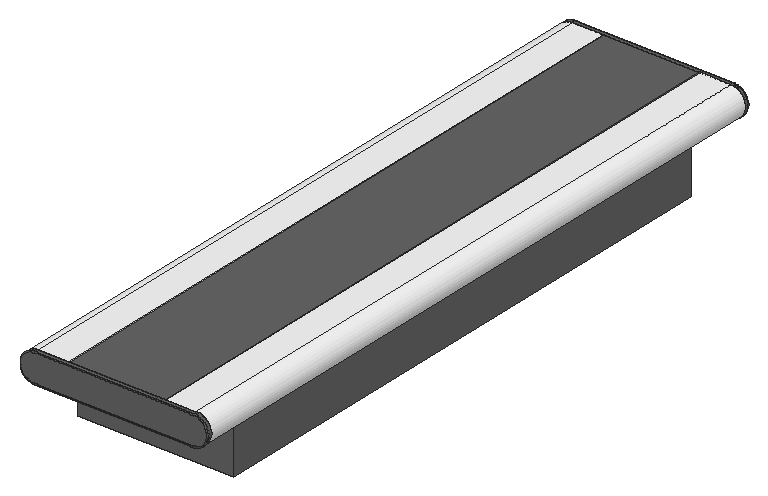
Revit family "AFX-Rhea-LED_Outdoor_Sconce", category Lighting Fixtures, host Face, Revit 2021
Family settings
  Host = Face
  Round Connector Dimension = Use Diameter
  Part Type = Normal
  Cut with Voids When Loaded = No
  Light Source = Yes
  Shared = No
  Room Calculation Point = No
Parameters (values of type "REAW0518LAJUDBK")
  Width = 5"
  Wattage Comments = "20W"
  Wattage = 9.2903 W
  built-in parameter 1150110 = 1 (stored number, unit not read)
  Voltage = 120 V
  URL = "https://www.afxinc.com/"
  Type Comments = "Rhea"  # constant formula
  built-in parameter 1114217 = 1 (stored number, unit not read)
  Tilt Angle = 90.00°
  built-in parameter 1150109 = 1 (stored number, unit not read)
  built-in parameter 1150134 = 3
  Sustainability = "https://lamprecycle.org/en/"
  built-in parameter 1150113 = 1 (stored number, unit not read)
  Body Finish = AFX - Black Steel
  Revit File Built By = "https://servex-us.com/servex-revit/"
  Product Documentation Link = "https://www.afxinc.com/products/productDetail.cfm?productID=2450"
  Power Factor = 1
  Photometric Web File = "REAW0518LAJUDBK_3000K_IES.IES"
  built-in parameter 1150142 = "IESNA:LM-63-2002\r\n[TEST] \r\n[TESTLAB] LCTECH 231125110005\r\n[TESTDATE] 2023/11/30\r\n[ISSUEDATE] 2023/11/30\r\n[MANUFAC] AFX\r\n[LUMCAT] REAW0518LAJUD**\r\n[LUMINAIRE] LEDµÆ¾ß\r\n[LAMPCAT] \r\n[LAMP] \r\n[LumELE] 119.99 0.174 20.64 0.9916\r\nTILT=NONE\r\n1 1206.03 1 37 7 1 2 0.125 0.45 0.02\r\n1 1 20.64\r\n0.00 5.00 10.00 15.00 20.00 25.00 30.00 35.00 40.00 45.00 50.00 55.00 60.00 65.00 70.00 75.00 80.00 85.00 90.00 95.00 100.00 105.00 110.00 115.00 120.00 125.00 130.00 135.00 140.00 145.00 150.00 155.00 160.00 165.00 170.00 175.00 180.00\r\n0.00 15.00 30.00 45.00 60.00 75.00 90.00\r\n210.254 209.803 207.096 202.584 196.267 188.597 178.671 168.293 155.66 142.124 127.235 110.541 100.164 75.80 58.203 40.156 23.011 9.024 2.707 4.512 7.67 12.633 17.596 23.011 27.974 32.937 38.351 43.314 47.826 52.338 56.85 59.557 60.91 54.594 47.826 57.752\r\n 29.353\r\n210.254 209.577 206.87 202.584 196.944 189.274 180.024 169.647 160.398 145.057 130.619 115.504 99.713 83.47 65.874 50.082 37.90 23.913 18.273 19.176 22.108 25.492 29.102 32.711 36.095 39.479 42.186 44.893 47.375 50.308 53.24 55.722 57.075 54.819 49.856 \r\n56.624 29.353\r\n210.254 209.352 207.101 203.049 198.999 191.118 183.014 173.558 163.203 151.722 139.115 125.832 112.324 98.592 83.959 70.452 57.394 47.49 42.763 43.213 44.564 47.04 49.292 50.869 52.895 54.697 56.048 57.174 58.30 58.751 59.201 59.427 60.553 58.527 53.351 \r\n56.047 29.353\r\n210.254 209.804 207.552 204.401 199.898 194.495 187.515 179.858 170.851 161.169 150.813 139.554 127.622 115.465 102.855 90.472 78.993 69.988 65.259 65.262 66.613 67.74 68.416 69.543 69.77 69.999 69.999 69.999 69.323 68.649 67.751 66.40 64.605 63.26 58.758\r\n 54.909 29.353\r\n210.254 209.805 208.457 205.757 201.26 197.443 191.829 185.312 177.674 169.587 160.597 150.713 140.825 129.37 118.587 106.905 96.122 87.136 82.866 82.87 83.542 84.218 84.667 84.444 83.999 82.877 81.756 80.182 79.06 76.591 74.794 72.325 69.183 66.046 \r\n63.796 57.264 29.353\r\n210.254 210.254 209.131 207.115 203.75 199.715 195.232 188.955 182.451 175.499 167.655 158.91 149.50 139.187 128.427 117.666 107.354 98.609 94.352 94.13 94.579 95.027 95.027 94.357 93.682 92.115 90.322 87.858 85.395 82.704 79.793 76.428 73.511 68.593 \r\n66.144 59.834 29.353\r\n210.254 209.814 208.934 206.735 204.096 200.137 195.299 190.46 183.862 176.824 169.787 160.989 152.192 142.075 131.958 121.402 110.845 102.488 98.089 97.649 98.529 98.529 98.529 98.089 97.209 95.89 93.251 91.051 87.532 84.453 81.814 77.855 73.897 68.618 \r\n67.739 58.062 29.353\r\n"
  Model = "REAW0518LAJUDBK"
  Manufacturer = "AFX Inc"  # constant formula
  built-in parameter 1150105 = 109.82 (stored number, unit not read)
  Lumens = 1380 lm
  built-in parameter 1150115 = 1 (stored number, unit not read)
  built-in parameter 1150137 = (empty or 0)
  built-in parameter 1150139 = (empty or 0)
  built-in parameter 1150112 = 1 (stored number, unit not read)
  built-in parameter 1150114 = 1 (stored number, unit not read)
  Lamp = ""
  Keynote = "12500"
  built-in parameter 1150132 = (empty or 0)
  built-in parameter 1150102 = (empty or 0)
  built-in parameter 1150107 = 3200 (stored number, unit not read)
  built-in parameter 1150138 = (empty or 0)
  built-in parameter 1150106 = 1.0982 (stored number, unit not read)
  Housing Finish = AFX - Black Steel
  Height = 18"
  Emit from Rectangle Width = Height - 1/2"  # 17 1/2"
  Emit from Rectangle Length = 4 3/4"
  Emit Shape Visible in Rendering = no
  built-in parameter 1150104 = 13.8 (stored number, unit not read)
  Dimming Lamp Color Temperature Shift = <None>
  Diffuser Finish = AFX - White Acrylic
  Description = "LED Outdoor Sconce - 18\"H x 5\"H x 2 1/8\"D"
  Depth = 2 1/8"
  Default Elevation = 48"
  Colour Rendering Index = "90"
  Color Filter = 16777215
  Cap Finish = AFX - Black Steel
  built-in parameter 1114218 = 1 (stored number, unit not read)
  built-in parameter 1150133 = 10 (stored number, unit not read)
  Assembly Code = "D5020200"
  Apparent Load = 0 VA
Types (5): name | Wattage Comments | Product Documentation Link | Photometric Web File | built-in parameter 1150142 | Model | Height | Emit from Rectangle Width | Description
  (no name) | "20W" | "https://www.afxinc.com/products/productDetail.cfm?productID=2450" | "REAW0518LAJUDBK_3000K_IES.IES" | "IESNA:LM-63-2002\r\n[TEST] \r\n[TESTLAB] LCTECH 231125110005\r\n[TESTDATE] 2023/11/30\r\n[ISSUEDATE] 2023/11/30\r\n[MANUFAC] AFX\r\n[LUMCAT] REAW0518LAJUD**\r\n[LUMINAIRE] LEDµÆ¾ß\r\n[LAMPCAT] \r\n[LAMP] \r\n[LumELE] 119.99 0.174 20.64 0.9916\r\nTILT=NONE\r\n1 1206.03 1 37 7 1 2 0.125 0.45 0.02\r\n1 1 20.64\r\n0.00 5.00 10.00 15.00 20.00 25.00 30.00 35.00 40.00 45.00 50.00 55.00 60.00 65.00 70.00 75.00 80.00 85.00 90.00 95.00 100.00 105.00 110.00 115.00 120.00 125.00 130.00 135.00 140.00 145.00 150.00 155.00 160.00 165.00 170.00 175.00 180.00\r\n0.00 15.00 30.00 45.00 60.00 75.00 90.00\r\n210.254 209.803 207.096 202.584 196.267 188.597 178.671 168.293 155.66 142.124 127.235 110.541 100.164 75.80 58.203 40.156 23.011 9.024 2.707 4.512 7.67 12.633 17.596 23.011 27.974 32.937 38.351 43.314 47.826 52.338 56.85 59.557 60.91 54.594 47.826 57.752\r\n 29.353\r\n210.254 209.577 206.87 202.584 196.944 189.274 180.024 169.647 160.398 145.057 130.619 115.504 99.713 83.47 65.874 50.082 37.90 23.913 18.273 19.176 22.108 25.492 29.102 32.711 36.095 39.479 42.186 44.893 47.375 50.308 53.24 55.722 57.075 54.819 49.856 \r\n56.624 29.353\r\n210.254 209.352 207.101 203.049 198.999 191.118 183.014 173.558 163.203 151.722 139.115 125.832 112.324 98.592 83.959 70.452 57.394 47.49 42.763 43.213 44.564 47.04 49.292 50.869 52.895 54.697 56.048 57.174 58.30 58.751 59.201 59.427 60.553 58.527 53.351 \r\n56.047 29.353\r\n210.254 209.804 207.552 204.401 199.898 194.495 187.515 179.858 170.851 161.169 150.813 139.554 127.622 115.465 102.855 90.472 78.993 69.988 65.259 65.262 66.613 67.74 68.416 69.543 69.77 69.999 69.999 69.999 69.323 68.649 67.751 66.40 64.605 63.26 58.758\r\n 54.909 29.353\r\n210.254 209.805 208.457 205.757 201.26 197.443 191.829 185.312 177.674 169.587 160.597 150.713 140.825 129.37 118.587 106.905 96.122 87.136 82.866 82.87 83.542 84.218 84.667 84.444 83.999 82.877 81.756 80.182 79.06 76.591 74.794 72.325 69.183 66.046 \r\n63.796 57.264 29.353\r\n210.254 210.254 209.131 207.115 203.75 199.715 195.232 188.955 182.451 175.499 167.655 158.91 149.50 139.187 128.427 117.666 107.354 98.609 94.352 94.13 94.579 95.027 95.027 94.357 93.682 92.115 90.322 87.858 85.395 82.704 79.793 76.428 73.511 68.593 \r\n66.144 59.834 29.353\r\n210.254 209.814 208.934 206.735 204.096 200.137 195.299 190.46 183.862 176.824 169.787 160.989 152.192 142.075 131.958 121.402 110.845 102.488 98.089 97.649 98.529 98.529 98.529 98.089 97.209 95.89 93.251 91.051 87.532 84.453 81.814 77.855 73.897 68.618 \r\n67.739 58.062 29.353\r\n" | "REAW0518LAJUDBK" | 18" | 17 1/2" | "LED Outdoor Sconce - 18\"H x 5\"H x 2 1/8\"D"
  REAW0518LAJUDBK | "20W" | "https://www.afxinc.com/products/productDetail.cfm?productID=2450" | "REAW0518LAJUDBK_3000K_IES.IES" | "IESNA:LM-63-2002\r\n[TEST] \r\n[TESTLAB] LCTECH 231125110005\r\n[TESTDATE] 2023/11/30\r\n[ISSUEDATE] 2023/11/30\r\n[MANUFAC] AFX\r\n[LUMCAT] REAW0518LAJUD**\r\n[LUMINAIRE] LEDµÆ¾ß\r\n[LAMPCAT] \r\n[LAMP] \r\n[LumELE] 119.99 0.174 20.64 0.9916\r\nTILT=NONE\r\n1 1206.03 1 37 7 1 2 0.125 0.45 0.02\r\n1 1 20.64\r\n0.00 5.00 10.00 15.00 20.00 25.00 30.00 35.00 40.00 45.00 50.00 55.00 60.00 65.00 70.00 75.00 80.00 85.00 90.00 95.00 100.00 105.00 110.00 115.00 120.00 125.00 130.00 135.00 140.00 145.00 150.00 155.00 160.00 165.00 170.00 175.00 180.00\r\n0.00 15.00 30.00 45.00 60.00 75.00 90.00\r\n210.254 209.803 207.096 202.584 196.267 188.597 178.671 168.293 155.66 142.124 127.235 110.541 100.164 75.80 58.203 40.156 23.011 9.024 2.707 4.512 7.67 12.633 17.596 23.011 27.974 32.937 38.351 43.314 47.826 52.338 56.85 59.557 60.91 54.594 47.826 57.752\r\n 29.353\r\n210.254 209.577 206.87 202.584 196.944 189.274 180.024 169.647 160.398 145.057 130.619 115.504 99.713 83.47 65.874 50.082 37.90 23.913 18.273 19.176 22.108 25.492 29.102 32.711 36.095 39.479 42.186 44.893 47.375 50.308 53.24 55.722 57.075 54.819 49.856 \r\n56.624 29.353\r\n210.254 209.352 207.101 203.049 198.999 191.118 183.014 173.558 163.203 151.722 139.115 125.832 112.324 98.592 83.959 70.452 57.394 47.49 42.763 43.213 44.564 47.04 49.292 50.869 52.895 54.697 56.048 57.174 58.30 58.751 59.201 59.427 60.553 58.527 53.351 \r\n56.047 29.353\r\n210.254 209.804 207.552 204.401 199.898 194.495 187.515 179.858 170.851 161.169 150.813 139.554 127.622 115.465 102.855 90.472 78.993 69.988 65.259 65.262 66.613 67.74 68.416 69.543 69.77 69.999 69.999 69.999 69.323 68.649 67.751 66.40 64.605 63.26 58.758\r\n 54.909 29.353\r\n210.254 209.805 208.457 205.757 201.26 197.443 191.829 185.312 177.674 169.587 160.597 150.713 140.825 129.37 118.587 106.905 96.122 87.136 82.866 82.87 83.542 84.218 84.667 84.444 83.999 82.877 81.756 80.182 79.06 76.591 74.794 72.325 69.183 66.046 \r\n63.796 57.264 29.353\r\n210.254 210.254 209.131 207.115 203.75 199.715 195.232 188.955 182.451 175.499 167.655 158.91 149.50 139.187 128.427 117.666 107.354 98.609 94.352 94.13 94.579 95.027 95.027 94.357 93.682 92.115 90.322 87.858 85.395 82.704 79.793 76.428 73.511 68.593 \r\n66.144 59.834 29.353\r\n210.254 209.814 208.934 206.735 204.096 200.137 195.299 190.46 183.862 176.824 169.787 160.989 152.192 142.075 131.958 121.402 110.845 102.488 98.089 97.649 98.529 98.529 98.529 98.089 97.209 95.89 93.251 91.051 87.532 84.453 81.814 77.855 73.897 68.618 \r\n67.739 58.062 29.353\r\n" | "REAW0518LAJUDBK" | 18" | 17 1/2" | "LED Outdoor Sconce - 18\"H x 5\"H x 2 1/8\"D"
  REAW0524LAJUDBK | "25W" | "https://www.afxinc.com/products/productDetail.cfm?productID=2451" | "REAW0524LAJUDBK_3000K_IES.IES" | "IESNA:LM-63-2002\r\n[TEST] \r\n[TESTLAB] LCTECH 231125110006\r\n[TESTDATE] 2023/11/30\r\n[ISSUEDATE] 2023/11/30\r\n[MANUFAC] AFX\r\n[LUMCAT] REAW0524LAJUD**\r\n[LUMINAIRE] LEDµÆ¾ß\r\n[LAMPCAT] \r\n[LAMP] \r\n[LumELE] 119.99 0.193 23 0.9933\r\nTILT=NONE\r\n1 1468.77 1 37 7 1 2 0.125 0.6 0.02\r\n1 1 23\r\n0.00 5.00 10.00 15.00 20.00 25.00 30.00 35.00 40.00 45.00 50.00 55.00 60.00 65.00 70.00 75.00 80.00 85.00 90.00 95.00 100.00 105.00 110.00 115.00 120.00 125.00 130.00 135.00 140.00 145.00 150.00 155.00 160.00 165.00 170.00 175.00 180.00\r\n0.00 15.00 30.00 45.00 60.00 75.00 90.00\r\n251.945 250.596 247.446 242.047 234.399 224.951 214.154 200.656 186.709 170.063 152.067 133.171 120.124 91.33 68.835 46.79 26.994 10.798 2.25 4.499 9.898 15.297 21.595 29.694 37.792 45.44 52.639 60.287 67.485 72.884 76.933 82.332 77.833 72.434 75.134 \r\n87.281 43.404\r\n251.945 250.819 247.664 242.255 235.496 226.256 215.889 203.045 191.782 173.073 155.946 137.918 118.763 98.931 79.101 59.721 45.068 28.848 22.313 23.44 26.594 31.101 35.833 40.565 45.298 49.355 53.186 57.241 61.973 65.803 69.636 73.466 72.341 68.959 \r\n73.012 85.857 43.404\r\n251.945 250.819 247.889 243.608 237.297 229.184 219.269 208.227 195.608 181.861 166.988 151.214 134.763 117.862 101.185 84.284 69.861 57.918 52.06 52.51 54.314 57.017 59.947 62.876 65.806 68.059 70.537 72.791 74.818 76.621 77.523 79.099 80.001 75.946 \r\n74.363 84.278 43.404\r\n251.945 251.269 249.015 245.184 239.55 232.79 225.128 215.663 204.621 193.129 180.508 167.214 153.242 138.818 124.396 109.524 95.777 85.186 79.326 79.777 81.13 82.482 83.383 84.735 85.637 86.988 87.664 88.114 87.888 87.888 87.663 86.31 84.058 82.031 \r\n77.747 82.024 43.404\r\n251.945 251.495 249.922 246.549 241.367 236.874 230.126 222.253 213.705 204.036 193.012 181.99 169.845 156.571 143.073 129.578 116.531 106.182 100.783 101.01 102.36 103.036 103.486 103.486 103.033 103.033 102.36 101.007 99.88 97.857 95.608 92.908 89.985 \r\n85.942 83.249 79.63 43.404\r\n251.945 251.72 250.155 247.244 243.89 238.967 233.60 226.661 219.275 210.776 200.934 191.31 179.674 168.263 155.063 142.31 129.783 119.711 114.115 114.119 115.014 116.357 116.135 115.461 115.014 113.671 112.103 109.639 107.18 104.495 100.914 97.56 94.419 \r\n89.496 86.387 82.343 43.404\r\n251.945 251.945 250.183 247.981 244.457 240.053 234.767 228.601 221.553 213.184 203.935 194.245 182.792 171.34 159.007 146.674 134.341 124.651 118.925 118.925 119.806 120.247 120.687 121.128 119.806 118.044 115.842 113.64 110.116 106.592 103.509 99.104 \r\n94.70 90.295 91.176 77.081 43.404\r\n" | "REAW0524LAJUDBK" | 24" | 23 1/2" | "LED Outdoor Sconce - 24\"H x 5\"H x 2 1/8\"D"
  REAW0536LAJUDBK | "30W" | "https://www.afxinc.com/products/productDetail.cfm?productID=2452" | "REAW0536LAJUDBK_3000K_IES.IES" | "IESNA:LM-63-2002\r\n[TEST] \r\n[TESTLAB] LCTECH 231125110007\r\n[TESTDATE] 2023/11/30\r\n[ISSUEDATE] 2023/11/30\r\n[MANUFAC] AFX\r\n[LUMCAT] REAW0536LAJUD**\r\n[LUMINAIRE] LEDµÆ¾ß\r\n[LAMPCAT] \r\n[LAMP] \r\n[LumELE] 119.94 0.235 27.98 0.994\r\nTILT=NONE\r\n1 1815.28 1 37 7 1 2 0.125 0.9 0.02\r\n1 1 27.98\r\n0.00 5.00 10.00 15.00 20.00 25.00 30.00 35.00 40.00 45.00 50.00 55.00 60.00 65.00 70.00 75.00 80.00 85.00 90.00 95.00 100.00 105.00 110.00 115.00 120.00 125.00 130.00 135.00 140.00 145.00 150.00 155.00 160.00 165.00 170.00 175.00 180.00\r\n0.00 15.00 30.00 45.00 60.00 75.00 90.00\r\n319.834 318.027 313.962 307.186 298.151 286.405 271.95 255.687 237.165 215.933 193.346 168.952 153.141 115.646 87.638 60.082 34.333 13.101 1.807 5.421 11.294 18.973 28.008 37.495 46.981 54.661 61.437 68.665 75.441 82.217 83.121 79.507 74.989 83.573 90.80 \r\n101.191 50.695\r\n319.834 318.479 314.639 308.315 299.054 287.535 274.434 258.623 243.716 220.677 198.993 175.728 151.108 126.036 100.061 75.215 56.694 35.462 27.33 28.686 32.30 37.495 42.464 47.659 52.854 57.597 62.115 65.955 70.246 76.119 80.862 81.088 81.54 89.219 95.77\r\n 104.127 50.695\r\n319.834 318.933 315.33 309.699 302.942 291.23 278.616 264.427 248.435 230.641 210.595 191.225 170.053 148.43 126.132 105.635 86.49 71.40 63.742 64.643 66.444 69.598 72.751 75.904 79.058 81.535 83.788 85.815 87.391 88.743 89.418 86.941 85.364 89.193 95.50 \r\n103.383 50.695\r\n319.834 319.388 316.238 311.515 304.318 295.771 285.198 273.054 260.009 244.714 228.07 210.974 192.756 174.088 154.743 136.077 118.082 104.588 97.392 97.84 99.19 100.989 102.115 103.015 103.69 104.364 104.814 105.04 104.364 103.24 101.439 99.192 93.124 \r\n89.519 94.242 100.758 50.695\r\n319.834 319.164 316.924 312.667 305.267 299.901 290.717 280.862 269.663 256.674 242.788 228.007 212.103 195.081 177.836 160.142 143.793 130.802 123.415 123.86 124.756 125.429 125.429 125.206 124.536 123.637 121.848 119.831 117.814 114.681 111.097 107.288 \r\n102.363 94.978 93.401 97.195 50.695\r\n319.834 319.164 316.934 313.811 308.904 302.435 295.30 286.154 275.895 264.966 252.476 239.094 224.375 209.208 192.035 175.976 160.363 146.983 140.069 140.068 141.406 141.852 141.184 140.292 138.285 136.053 133.60 130.032 126.241 122.226 117.765 112.636 \r\n107.724 100.144 96.581 95.678 50.695\r\n319.834 319.389 317.162 314.044 309.589 304.244 297.116 288.653 279.298 268.607 257.026 244.553 229.853 214.708 198.226 181.744 166.154 153.235 145.663 146.108 146.999 147.445 146.999 146.554 144.772 142.099 138.536 134.526 130.072 125.172 119.827 114.927\r\n 109.136 102.008 102.454 91.318 50.695\r\n" | "REAW0536LAJUDBK" | 36" | 35 1/2" | "LED Outdoor Sconce - 36\"H x 5\"H x 2 1/8\"D"
  REAW0548LAJUDBK | "40W" | "https://www.afxinc.com/products/productDetail.cfm?productID=2453" | "REAW0548LAJUDBK_3000K_IES.IES" | "IESNA:LM-63-2002\r\n[TEST] \r\n[TESTLAB] LCTECH 231125110008\r\n[TESTDATE] 2023/12/1\r\n[ISSUEDATE] 2023/12/1\r\n[MANUFAC] AFX\r\n[LUMCAT] REAW0548LAJUD**\r\n[LUMINAIRE] LEDµÆ¾ß\r\n[LAMPCAT] \r\n[LAMP] \r\n[LumELE] 120 0.331 39.37 0.9915\r\nTILT=NONE\r\n1 2482.49 1 37 7 1 2 0.125 1.21 0.02\r\n1 1 39.37\r\n0.00 5.00 10.00 15.00 20.00 25.00 30.00 35.00 40.00 45.00 50.00 55.00 60.00 65.00 70.00 75.00 80.00 85.00 90.00 95.00 100.00 105.00 110.00 115.00 120.00 125.00 130.00 135.00 140.00 145.00 150.00 155.00 160.00 165.00 170.00 175.00 180.00\r\n0.00 15.00 30.00 45.00 60.00 75.00 90.00\r\n422.08 420.276 415.315 405.846 393.67 377.437 359.399 337.754 313.403 286.347 255.683 225.019 202.923 154.221 116.342 80.718 45.545 18.489 4.509 7.215 15.783 27.507 40.134 54.113 67.641 80.718 92.894 104.618 113.186 116.342 118.146 124.91 137.086 145.203 \r\n151.065 157.829 75.402\r\n422.08 420.276 415.089 406.973 395.249 380.142 361.879 341.361 322.432 291.759 263.575 232.912 200.897 167.527 134.158 101.238 77.102 49.831 39.008 40.587 46.449 53.438 61.103 68.995 76.887 83.876 90.641 96.728 103.266 108.456 111.837 118.143 127.614 \r\n136.634 146.331 155.123 75.402\r\n422.08 420.505 415.786 408.371 398.255 384.77 368.816 350.16 329.713 306.565 281.844 255.546 227.902 200.035 171.49 143.623 118.676 100.246 90.578 90.806 93.734 98.674 103.169 107.888 112.383 116.878 120.923 124.07 126.544 127.224 122.964 119.577 124.962 \r\n134.18 143.168 153.957 75.402\r\n422.08 420.731 417.584 410.841 402.527 391.289 378.03 362.749 345.221 326.341 304.767 283.19 259.365 235.547 210.377 187.002 164.299 146.775 137.554 137.561 139.359 141.61 143.858 145.882 147.231 148.353 149.252 149.252 148.799 147.454 144.314 136.013 \r\n127.452 129.679 139.129 150.81 75.402\r\n422.08 420.96 417.82 412.437 403.901 396.066 385.074 372.518 357.941 342.022 324.754 305.914 285.725 264.426 242.669 220.018 199.387 182.787 174.038 173.373 174.719 175.394 175.845 175.842 175.394 174.274 172.254 168.665 166.419 162.159 157.899 151.633 \r\n140.429 130.317 132.996 145.094 75.402\r\n422.08 420.959 418.268 414.231 408.174 400.326 391.355 380.592 368.03 354.129 339.324 322.505 303.44 283.931 263.072 242.439 222.028 205.88 197.132 196.688 198.036 198.259 197.811 196.691 194.671 191.757 187.943 183.234 178.30 172.243 166.635 159.684 \r\n153.845 140.401 132.125 134.792 75.402\r\n422.08 421.191 418.97 414.527 409.195 402.086 393.20 383.426 371.874 358.101 342.995 326.556 309.673 290.568 270.131 249.693 229.70 214.15 206.597 204.82 205.708 206.153 205.708 204.375 202.154 199.044 194.157 188.825 182.161 175.941 169.276 162.167 \r\n153.726 144.396 140.841 135.51 75.402\r\n" | "REAW0548LAJUDBK" | 48" | 47 1/2" | "LED Outdoor Sconce - 48\"H x 5\"H x 2 1/8\"D"
Reference planes (in)
  plane 1 "Center (Front/Back)": y = 0.13952
  plane 2: z = 0
  plane 3 "Center (Left/Right)": x = 0
  plane 4: x = -2.5
  plane 5: x = 2.5
  plane 6: y = 9.13952
  plane 7: y = -8.86048
  plane 8: z = 1.3376
  plane 9: z = 2.125
  plane 10: y = 9.02141
  plane 11: y = -8.74237
Forms (in)
  Sweep 1, solid, material "AFX - Black Steel" <- "Cap Finish"
    path origin (0, 0.13952, 0) x (1, 0, 0) y (0, 0, 1)
      loop
        arc (-2.1063, 2.125) -> (-2.5, 1.7313) -> (-2.1063, 1.3376) r 0.3937
        line (-2.1063, 1.3376) -> (2.1063, 1.3376)
        arc (2.1063, 1.3376) -> (2.5, 1.7313) -> (2.1063, 2.125) r 0.3937
        line (2.1063, 2.125) -> (-2.1063, 2.125)
    profile origin (0, 0.13952, 2.125) x (0, 0, 1) y (0, -1, 0)
      loop
        line (0, 8.88189) -> (0, 8.97896)
        arc (0, 8.97896) -> (-0.00616, 8.99384) -> (-0.02104, 9) r 0.02104
        line (-0.02104, 9) -> (-0.1875, 9) -> (-0.1875, 8.88189) -> (0, 8.88189)
  Extrusion 2, solid, material "AFX - Black Steel" <- "Cap Finish"
    sketch origin (0, 0.13952, 0) x (1, 0, 0) y (0, 0, 1)
      loop
        arc (-2.1063, 1.9375) -> (-2.3125, 1.7313) -> (-2.1063, 1.5251) r 0.2062
        line (-2.1063, 1.5251) -> (2.1063, 1.5251)
        arc (2.1063, 1.5251) -> (2.3125, 1.7313) -> (2.1063, 1.9375) r 0.2062
        line (2.1063, 1.9375) -> (-2.1063, 1.9375)
    from 8.88189 to 9
  Sweep 3, solid, material "AFX - Black Steel" <- "Cap Finish"
    path origin (0, 0.13952, 0) x (1, 0, 0) y (0, 0, 1)
      loop
        line (2.1063, 2.125) -> (-2.1063, 2.125)
        arc (-2.1063, 2.125) -> (-2.5, 1.7313) -> (-2.1063, 1.3376) r 0.3937
        line (-2.1063, 1.3376) -> (2.1063, 1.3376)
        arc (2.1063, 1.3376) -> (2.5, 1.7313) -> (2.1063, 2.125) r 0.3937
    profile origin (0, 0.13952, 2.125) x (0, 0, -1) y (0, -1, 0)
      loop
        line (0, -8.88189) -> (0, -8.96094)
        arc (0, -8.96094) -> (0.01144, -8.98856) -> (0.03906, -9) r 0.03906
        line (0.03906, -9) -> (0.1875, -9) -> (0.1875, -8.88189) -> (0, -8.88189)
  Extrusion 4, solid, material "AFX - Black Steel" <- "Cap Finish"
    sketch origin (0, 0.13952, 0) x (1, 0, 0) y (0, 0, 1)
      loop
        arc (-2.1063, 1.9375) -> (-2.3125, 1.7313) -> (-2.1063, 1.5251) r 0.2062
        line (-2.1063, 1.5251) -> (2.1063, 1.5251)
        arc (2.1063, 1.5251) -> (2.3125, 1.7313) -> (2.1063, 1.9375) r 0.2062
        line (2.1063, 1.9375) -> (-2.1063, 1.9375)
    from -9 to -8.88189
  Extrusion 5, solid, material "AFX - Black Steel" <- "Body Finish"
    sketch origin (0, 0.13952, 0) x (1, 0, 0) y (0, 0, 1)
      loop
        line (-1.37795, 2.02704) -> (-1.23699, 2.02704) -> (-1.23699, 2.08563) -> (-1.05893, 2.08563) -> (-1.05893, 1.37697) -> (-1.23699, 1.37697) -> (-1.23699, 1.43556) -> (-1.37795, 1.43556) -> (-1.37795, 1.39619) -> (-1.27953, 1.39619) -> (-1.27953, 1.3376) -> (1.27953, 1.3376) -> (1.27953, 1.39619) -> (1.37795, 1.39619) -> (1.37795, 1.43556) -> (1.23699, 1.43556) -> (1.23699, 1.37697) -> (1.05893, 1.37697) -> (1.05893, 2.08563) -> (1.23699, 2.08563) -> (1.23699, 2.02704) -> (1.37795, 2.02704) -> (1.37795, 2.06641) -> (1.27953, 2.06641) -> (1.27953, 2.125) -> (-1.27953, 2.125) -> (-1.27953, 2.06641) -> (-1.37795, 2.06641) -> (-1.37795, 2.02704)
    from -8.88189 to 8.88189
  Extrusion 6, solid, material "AFX - White Acrylic" <- "Diffuser Finish"
    sketch origin (0, 0.13952, 0) x (1, 0, 0) y (0, 0, 1)
      loop
        line (-1.27953, 2.125) -> (-2.09846, 2.125)
        arc (-2.09846, 2.125) -> (-2.49216, 1.7313) -> (-2.09846, 1.3376) r 0.3937
        line (-2.09846, 1.3376) -> (-1.27953, 1.3376) -> (-1.27953, 1.39619) -> (-2.09846, 1.39619)
        arc (-2.09846, 1.39619) -> (-2.43357, 1.7313) -> (-2.09846, 2.06641) r 0.33511
        line (-2.09846, 2.06641) -> (-1.27953, 2.06641) -> (-1.27953, 2.125)
      loop
        line (1.27953, 2.125) -> (1.27953, 2.06641) -> (2.09846, 2.06641)
        arc (2.09846, 2.06641) -> (2.43357, 1.7313) -> (2.09846, 1.39619) r 0.33511
        line (2.09846, 1.39619) -> (1.27953, 1.39619) -> (1.27953, 1.3376) -> (2.09846, 1.3376)
        arc (2.09846, 1.3376) -> (2.49216, 1.7313) -> (2.09846, 2.125) r 0.3937
        line (2.09846, 2.125) -> (1.27953, 2.125)
    from -8.88189 to 8.88189
  Extrusion 7, solid, material "AFX - Black Steel" <- "Housing Finish"
    sketch origin (0, 0, 0) x (1, 0, 0) y (0, 1, 0)
      loop
        line (-2.06693, 7.74188) -> (-2.06693, -7.46284) -> (2.06693, -7.46284) -> (2.06693, 7.74188) -> (-2.06693, 7.74188)
    from 0 to 1.3376
Cuts and joins
  joined: Sweep 1, Extrusion 2
  joined: Sweep 3, Extrusion 4
Lines and regions (in)
  symbolic lines
    curve 1: line (2.1063, 0.13952, 2.125) -> (-2.1063, 0.13952, 2.125)
    curve 2: line (2.1063, 0.13952, 1.3376) -> (-2.1063, 0.13952, 1.3376)
    curve 3: arc (-2.1063, 0.13952, 1.3376) -> (-2.5, 0.13952, 1.7313) -> (-2.1063, 0.13952, 2.125) r 0.3937
    curve 4: arc (2.1063, 0.13952, 1.3376) -> (2.5, 0.13952, 1.7313) -> (2.1063, 0.13952, 2.125) r 0.3937
    curve 5: line (2.06693, 0.13952, 0) -> (-2.06693, 0.13952, 0)
    curve 6: line (-2.06693, 0.13952, 0) -> (-2.06693, 0.13952, 1.3376)
    curve 7: line (2.06693, 0.13952, 0) -> (2.06693, 0.13952, 1.3376)
Dimensions and locks (in)
  equal spacing: plane 4, plane 3 "Center (Left/Right)", plane 5
  "Width": plane 4 to plane 5
  equal spacing: plane 6, plane 1 "Center (Front/Back)", plane 7
  "Height": plane 6 to plane 7
  "Depth": plane 9 to plane 2
  locked: plane 8 to plane 2 at 1.3376
  locked: plane 10 to plane 6 at 0.11811
  locked: plane 11 to plane 7 at 0.11811
  locked: Sweep 1 sketch curve to plane 4 at 0.3937
  locked: plane 5 to Sweep 1 sketch curve at 0.3937
  locked: plane 9 to Sweep 1 sketch curve at 0.3937  (x2)
  plane 9 to Sweep 3 sketch curve to Sweep 3 sketch curve = 5/128" locked, 19/128" locked
  locked: plane 4 to Extrusion 7 sketch curve at 0.43307
  locked: Extrusion 7 sketch curve to plane 5 at 0.43307
  locked: plane 11 to Extrusion 7 sketch curve at 1.27953
  locked: Extrusion 7 sketch curve to plane 10 at 1.27953
  aligned and locked: host face to plane 2
  aligned and locked: level to host face
  aligned and locked: imposter light to plane 3 "Center (Left/Right)"
  aligned and locked: Sweep 1 sketch curve to plane 9  (x2)
  aligned and locked: plane 8 to Sweep 1 sketch curve
  aligned and locked: plane 11 to Sweep 1 sketch curve
  aligned and locked: plane 7 to Sweep 1 sketch curve
  aligned and locked: Extrusion 2 sketch curve to Sweep 1  (x2)
  aligned and locked: Sweep 1 to Extrusion 2  (x2)
  aligned and locked: Sweep 3 sketch curve to plane 6
  aligned and locked: plane 10 to Sweep 3 sketch curve
  aligned and locked: plane 9 to Sweep 3 sketch curve
  aligned and locked: Extrusion 4 sketch curve to Sweep 3  (x2)
  aligned and locked: Sweep 3 to Extrusion 4  (x2)
  aligned and locked: Extrusion 5 sketch curve to plane 9
  aligned and locked: Extrusion 5 sketch curve to plane 8
  aligned and locked: Extrusion 5 to plane 10
  aligned and locked: Extrusion 5 to plane 11
  aligned and locked: Extrusion 6 to plane 11
  aligned and locked: Extrusion 6 to plane 10
  aligned and locked: plane 8 to Extrusion 7
  aligned and locked: Extrusion 7 to plane 2
Automatic sketch dimensions
  host sketch curve to host sketch curve = 96"  (x2)
  profile plane to Sweep 1 sketch curve = 0.02104"
  profile plane to Sweep 1 sketch curve = 3/16"
  Sweep 3 sketch curve to plane 9 = 0"
  plane 4 to Sweep 3 sketch curve = 0.3937"
  Sweep 3 sketch curve to plane 5 = 0.3937"
  Sweep 3 sketch curve to plane 8 = 0"
  Extrusion 6 sketch curve to Extrusion 6 sketch curve = 0"  (x7)
  Extrusion 6 sketch curve to plane 9 = 0"  (x2)
  Extrusion 6 sketch curve to plane 8 = 0"  (x2)
  Extrusion 6 sketch curve to Extrusion 6 sketch curve = 0.81893"
  Extrusion 6 sketch curve to plane 9 = 15/256"  (x2)
  Extrusion 6 sketch curve to plane 5 = 1.22047"
  Extrusion 6 sketch curve to plane 5 = 0.40154"
  Extrusion 5 sketch curve to plane 9 = 0.09796"  (x2)
  plane 8 to Extrusion 5 sketch curve = 15/256"  (x2)
  Extrusion 5 sketch curve to Extrusion 5 sketch curve = 0"
  Extrusion 5 sketch curve to Extrusion 5 sketch curve = 0.09843"  (x4)
  Extrusion 5 sketch curve to Extrusion 5 sketch curve = 0.04253"  (x4)
  plane 8 to Extrusion 5 sketch curve = 0.03937"  (x2)
  Extrusion 5 sketch curve to Extrusion 5 sketch curve = 0.17806"  (x3)
  plane 3 "Center (Left/Right)" to Extrusion 5 sketch curve = 1.05893"
  Extrusion 5 sketch curve to plane 9 = 0.03937"  (x2)
  Extrusion 5 sketch curve to Extrusion 5 sketch curve = 0.03937"  (x4)
  Extrusion 5 sketch curve to plane 3 "Center (Left/Right)" = 1.05893"
  plane 4 to Extrusion 6 sketch curve = 1.22047"
  curve 1 to plane 9 = 0"
  curve 2 to plane 8 = 0"
  curve 5 to level = 0"
  plane 4 to curve 1 = 0.3937"
  plane 4 to curve 5 = 0.43307"
  curve 2 to plane 5 = 0.3937"
  curve 7 to curve 4 = 0.03937"
Connectors (in)
  electrical at (0, 0.13952, 0), driven by "Voltage", driven by "Apparent Load"
    settings: on Extrusion 7, index 1, voltage 120 V, apparent load 0 VA, apparent load phase1 0 VA, apparent load phase2 0 VA, apparent load phase3 0 VA, power factor 1, load classification "Lighting", number of poles 1, system type 31, power factor state 1, is connector primary yes, connector utility no, sub classification motor no, connector description ""
